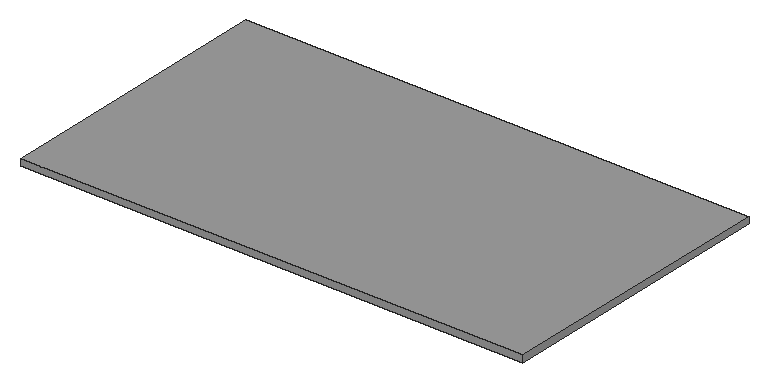
Revit family
Parameters (values of type "8'")
  Counter Thickness = 0' - 1 1/4"
  Depth = 4' - 6"
  Height = 3' - 1"
  Width [instance] = 8' - 0"
Types (4): name | Width
  (no name) | 8' - 0"
  8' | 8' - 0"
  10' | 10' - 0"
  6' | 6' - 0"
Reference planes (in)
  plane 1 "Back": y = 0
  plane 2: z = 0
  plane 3 "Left": x = -47.2623
  plane 4 "Right": x = 48.7377
  plane 5 "Front": y = -53
  plane 6 "Top": z = 37
  plane 7: z = 35.75
  plane 8: z = 41
  plane 9: y = -18
  plane 10: y = -34
  plane 11: y = 1
  plane 12: y = -52
Forms (in)
  Extrusion 1, solid, material "Counter Top"
    sketch origin (0, 0, 0) x (1, 0, 0) y (0, 1, 0)
      loop
        line (-47.2623, 1) -> (-47.2623, -53) -> (48.7377, -53) -> (48.7377, 1) -> (-47.2623, 1)
    from 35.75 to 37
Lines and regions (in)
  symbolic lines, style "Counter Top"
    curve 1: line (48.7377, 1, 0) -> (-47.2623, 1, 0)
    curve 2: line (48.7377, -53, 0) -> (48.7377, 1, 0)
    curve 3: line (-47.2623, -53, 0) -> (48.7377, -53, 0)
    curve 4: line (-47.2623, 1, 0) -> (-47.2623, -53, 0)
Dimensions and locks (in)
  "Width": plane 3 "Left" to plane 4 "Right"
  "Height": level to plane 6 "Top"
  "Counter Thickness": plane 7 to plane 6 "Top"
  plane 6 "Top" to plane 8 = 0' - 4"
  "Depth": plane 5 "Front" to plane 11
  locked: plane 1 "Back" to plane 11 at 1
  locked: plane 5 "Front" to plane 12 at 1
  aligned and locked: plane 4 "Right" to Extrusion 1 sketch curve
  aligned and locked: Extrusion 1 sketch curve to plane 3 "Left"
  aligned and locked: Extrusion 1 to plane 6 "Top"
  aligned and locked: plane 7 to Extrusion 1
  aligned and locked: plane 11 to Extrusion 1 sketch curve
  aligned and locked: Extrusion 1 sketch curve to plane 5 "Front"
  aligned and locked: curve 1 to plane 11
Automatic sketch dimensions
  curve 1 to plane 3 "Left" = 0' - 0"
  curve 3 to plane 4 "Right" = 0' - 0"
  curve 4 to plane 5 "Front" = 0' - 0"
